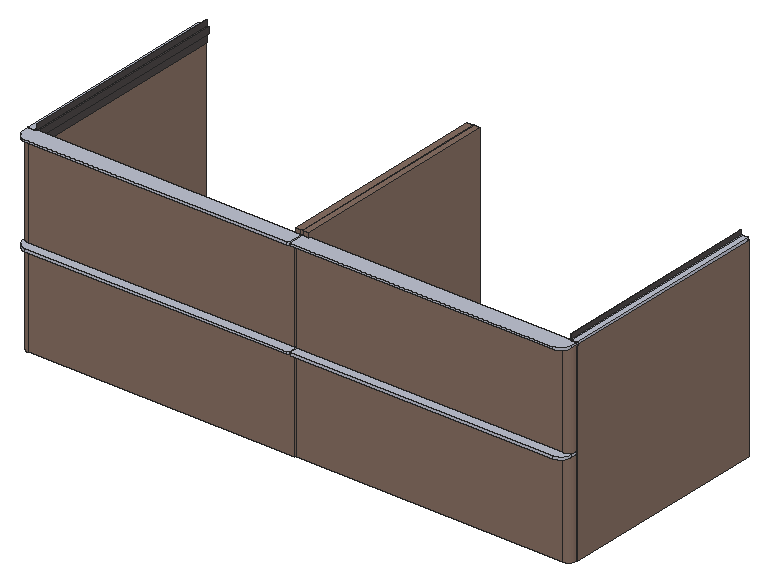
Revit family "vanity unit with 4 drawers for consoles with bowl", category Furniture, Revit 2019 (continued)
Definition of nested family "vanity unit 1560_550 with 4 drawers for consoles with bowl-54091670-diamond matt grey-matt_black-400_content"
  Parameters (values of type "Vanity unit 1560_550 with 4 drawers for consoles with bowl-54091670-Diamond Matt Grey-MATT_BLACK-400_Content")
    SURFACE = "MATT_BLACK"
    REGIONSET = "Worldwide"
    PRODUCTURL = "https://pro.hansgrohe.com/articledetail--54091000"
    PRODUCTGROUP = "vanity unit"
    PRODUCTFAMILY = "Xelu Q"
    PERMALINK = "54091XXX"
    OMNICLASS = "23-21 19 15 33 13 | Residential Bathroom Specialty Casework"
    OBJECTTYPE = "Object (single object)"
    OBERFLAECHE = "Diamond Matt Grey"
    NN = "Vanity Unit with 4 Drawers for consoles with bowl"
    NBSYN = "$BASENUMBER.-$ARTNR.-$OBERFLAECHE.-$SURFACE.-$LODLEVEL."
    NB = "Vanity unit 1560/550 with 4 drawers for consoles with bowl-54091670-Diamond Matt Grey-MATT_BLACK-400"
    NAME = "Xelu Q Vanity unit Diamond Matt Grey 1560/550 with 4 drawers for consoles with bowl"
    Model = "Vanity unit 1560/550 with 4 drawers for consoles with bowl-54091670-Diamond Matt Grey-MATT_BLACK-400"
    Manufacturer = "Hansgrohe"
    MASTERFORMAT = "12 35 30.23 | Bathroom Casework"
    LODLEVEL = "400"
    LINA = "Vanity unit 1560/550 with 4 drawers for consoles with bowl-54091670-Diamond Matt Grey-MATT_BLACK-400"
    L = 1560
    IFC = "Furnishing element"
    GTINCODE = "4059625457221"
    ETIM = "EC011381 | Bathroom furniture set"
    Default Elevation = 1219.2 mm
    DESIGN = "Germany"
    ContentVisible [instance] = yes
    CATALOG = "Hansgrohe"
    BIMOBJECT = "Sanitary: Compound units"
    BASENUMBER = "Vanity unit 1560/550 with 4 drawers for consoles with bowl"
    ARTNR = "54091670"
  Reference planes
    plane 1 "Center (Front/Back)": y = 0
    plane 2: z = 0
    plane 3 "Center (Left/Right)": x = 0
  Forms (mm)
    Extrusion 1, solid, visible <- "ContentVisible", detail levels medium+fine
      sketch origin (0, 0, 0) x (1, 0, 0) y (0, 1, 0)
        loop
          line (-780, 0) -> (-780, -527)
          arc (-780, -527) -> (-779.121, -529.121) -> (-777, -530) r 3
          line (-777, -530) -> (-764, -530) -> (-764, 0) -> (-780, 0)
      from 0 to 480
    Extrusion 2, solid, visible <- "ContentVisible", detail levels medium+fine
      sketch origin (0, 0, 0) x (1, 0, 0) y (0, 1, 0)
        loop
          line (-764, -133) -> (-764, -499.5) -> (-16, -499.5) -> (-16, -133) -> (-764, -133)
      from 0 to 16
    Extrusion 3, solid, visible <- "ContentVisible", detail levels medium+fine
      sketch origin (0, 0, 0) x (1, 0, 0) y (0, 1, 0)
        loop
          line (-16, 0) -> (-16, -530) -> (-3, -530)
          arc (-3, -530) -> (-0.879, -529.121) -> (0, -527) r 3
          line (0, -527) -> (0, 0) -> (-16, 0)
      from 0 to 496
    Extrusion 4, solid, visible <- "ContentVisible", detail levels medium+fine
      sketch origin (0, 0, 0) x (1, 0, 0) y (0, 1, 0)
        loop
          line (0, 0) -> (0, -527)
          arc (0, -527) -> (0.879, -529.121) -> (3, -530) r 3
          line (3, -530) -> (16, -530) -> (16, 0) -> (0, 0)
      from 0 to 496
    Extrusion 5, solid, visible <- "ContentVisible", detail levels medium+fine
      sketch origin (0, 0, 0) x (1, 0, 0) y (0, 1, 0)
        loop
          line (16, -499.5) -> (764, -499.5) -> (764, -133) -> (16, -133) -> (16, -499.5)
      from 0 to 16
    Extrusion 6, solid, visible <- "ContentVisible", detail levels medium+fine
      sketch origin (0, 0, 0) x (1, 0, 0) y (0, 1, 0)
        loop
          line (764, 0) -> (764, -530) -> (777, -530)
          arc (777, -530) -> (779.121, -529.121) -> (780, -527) r 3
          line (780, -527) -> (780, 0) -> (764, 0)
      from 0 to 480
    Extrusion 7, solid, visible <- "ContentVisible", detail levels medium+fine
      sketch origin (0, 0, 0) x (1, 0, 0) y (0, 1, 0)
        loop
          line (-764, -117) -> (-764, -133) -> (764, -133) -> (764, -117) -> (-764, -117)
      from 0 to 126
    Extrusion 8, solid, visible <- "ContentVisible", detail levels medium+fine
      sketch origin (0, 0, 2) x (1, 0, 0) y (0, 1, 0)
        loop
          arc (-780, -532) -> (-774.435, -545.435) -> (-761, -551) r 19
          line (-761, -551) -> (-2.5, -551)
          arc (-2.5, -551) -> (-1.793, -550.707) -> (-1.5, -550) r 1
          line (-1.5, -550) -> (-1.5, -530) -> (-780, -530) -> (-780, -532)
      from 0 to 235
    Extrusion 9, solid, visible <- "ContentVisible", detail levels medium+fine
      sketch origin (0, 0, 2) x (1, 0, 0) y (0, 1, 0)
        loop
          arc (1.5, -550) -> (1.793, -550.707) -> (2.5, -551) r 1
          line (2.5, -551) -> (761, -551)
          arc (761, -551) -> (774.435, -545.435) -> (780, -532) r 19
          line (780, -532) -> (780, -530) -> (1.5, -530) -> (1.5, -550)
      from 0 to 235
    Extrusion 10, solid, visible <- "ContentVisible", detail levels medium+fine
      sketch origin (0, 0, 237) x (1, 0, 0) y (0, 1, 0)
        loop
          line (-778.5, -530) -> (-778.5, -546)
          arc (-778.5, -546) -> (-771.178, -563.678) -> (-753.5, -571) r 25
          line (-753.5, -571) -> (-4.5, -571)
          arc (-4.5, -571) -> (-2.379, -570.121) -> (-1.5, -568) r 3
          line (-1.5, -568) -> (-1.5, -528.5) -> (-758.5, -528.5) -> (-758.5, -530) -> (-778.5, -530)
      from 0 to 5
    Extrusion 11, solid, visible <- "ContentVisible", detail levels medium+fine
      sketch origin (0, 0, 237) x (1, 0, 0) y (0, 1, 0)
        loop
          arc (1.5, -568) -> (2.379, -570.121) -> (4.5, -571) r 3
          line (4.5, -571) -> (753.5, -571)
          arc (753.5, -571) -> (771.178, -563.678) -> (778.5, -546) r 25
          line (778.5, -546) -> (778.5, -530) -> (758.5, -530) -> (758.5, -528.5) -> (1.5, -528.5) -> (1.5, -568)
      from 0 to 5
    Extrusion 12, solid, visible <- "ContentVisible", detail levels medium+fine
      sketch origin (0, 0, 245) x (1, 0, 0) y (0, 1, 0)
        loop
          arc (-780, -532) -> (-774.435, -545.435) -> (-761, -551) r 19
          line (-761, -551) -> (-2.5, -551)
          arc (-2.5, -551) -> (-1.793, -550.707) -> (-1.5, -550) r 1
          line (-1.5, -550) -> (-1.5, -530) -> (-780, -530) -> (-780, -532)
      from 0 to 235
    Extrusion 13, solid, visible <- "ContentVisible", detail levels medium+fine
      sketch origin (0, 0, 245) x (1, 0, 0) y (0, 1, 0)
        loop
          arc (1.5, -550) -> (1.793, -550.707) -> (2.5, -551) r 1
          line (2.5, -551) -> (761, -551)
          arc (761, -551) -> (774.435, -545.435) -> (780, -532) r 19
          line (780, -532) -> (780, -530) -> (1.5, -530) -> (1.5, -550)
      from 0 to 235
    Extrusion 14, solid, visible <- "ContentVisible", detail levels medium+fine
      sketch origin (0, 0, 480) x (1, 0, 0) y (0, 1, 0)
        loop
          line (-778.5, -530) -> (-778.5, -546)
          arc (-778.5, -546) -> (-771.178, -563.678) -> (-753.5, -571) r 25
          line (-753.5, -571) -> (-4.5, -571)
          arc (-4.5, -571) -> (-2.379, -570.121) -> (-1.5, -568) r 3
          line (-1.5, -568) -> (-1.5, -528.5) -> (-758.5, -528.5) -> (-758.5, -530) -> (-778.5, -530)
      from 0 to 5
    Extrusion 15, solid, visible <- "ContentVisible", detail levels medium+fine
      sketch origin (0, 0, 480) x (1, 0, 0) y (0, 1, 0)
        loop
          arc (1.5, -568) -> (2.379, -570.121) -> (4.5, -571) r 3
          line (4.5, -571) -> (753.5, -571)
          arc (753.5, -571) -> (771.178, -563.678) -> (778.5, -546) r 25
          line (778.5, -546) -> (778.5, -530) -> (758.5, -530) -> (758.5, -528.5) -> (1.5, -528.5) -> (1.5, -568)
      from 0 to 5
    Extrusion 16, solid, visible <- "ContentVisible", detail levels medium+fine
      sketch origin (-1.5, 0, 0) x (0, 0, -1) y (0, 1, 0)
        loop
          line (-480, -528.5) -> (-480, -530) -> (-450, -530) -> (-450, -528.5) -> (-480, -528.5)
      from -764 to 764
    Extrusion 17, solid, visible <- "ContentVisible", detail levels medium+fine
      sketch origin (-1.5, 0, 0) x (0, 0, -1) y (0, 1, 0)
        loop
          line (-242, -528.5) -> (-242, -530) -> (-212, -530) -> (-212, -528.5) -> (-242, -528.5)
      from -764 to 764
    Extrusion 18, solid, visible <- "ContentVisible", detail levels medium+fine
      sketch origin (1.5, 0, 0) x (0, 0, -1) y (0, 1, 0)
        loop
          line (-480, -528.5) -> (-480, -530) -> (-450, -530) -> (-450, -528.5) -> (-480, -528.5)
      from 0 to 764
    Extrusion 19, solid, visible <- "ContentVisible", detail levels medium+fine
      sketch origin (0, 0, 0) x (1, 0, 0) y (0, 0, -1)
        loop
          line (-764, -447) -> (-764, -485) -> (-762.5, -485) -> (-762.5, -447) -> (-764, -447)
      from -528.5 to 0
    Extrusion 20, solid, visible <- "ContentVisible", detail levels medium+fine
      sketch origin (0, 0, 0) x (1, 0, 0) y (0, 0, -1)
        loop
          line (762.5, -446.8) -> (762.5, -485) -> (764, -485) -> (764, -446.8) -> (762.5, -446.8)
      from -528.5 to 0
    Extrusion 21, solid, visible <- "ContentVisible", detail levels medium+fine
      sketch origin (0, 0, 480) x (1, 0, 0) y (0, 1, 0)
        loop
          line (-780, -3) -> (-780, -527)
          arc (-780, -527) -> (-779.121, -529.121) -> (-777, -530) r 3
          line (-777, -530) -> (-764, -530) -> (-764, 0) -> (-777, 0)
          arc (-777, 0) -> (-779.121, -0.879) -> (-780, -3) r 3
      from 0 to 5
    Extrusion 22, solid, visible <- "ContentVisible", detail levels medium+fine
      sketch origin (0, 0, 480) x (1, 0, 0) y (0, 1, 0)
        loop
          line (764, 0) -> (764, -530) -> (777, -530)
          arc (777, -530) -> (779.121, -529.121) -> (780, -527) r 3
          line (780, -527) -> (780, -3)
          arc (780, -3) -> (779.121, -0.879) -> (777, 0) r 3
          line (777, 0) -> (764, 0)
      from 0 to 5
    Extrusion 23, solid, visible <- "ContentVisible", detail levels medium+fine
      sketch origin (0, 0, 0) x (1, 0, 0) y (0, 0, -1)
        loop
          line (-762.5, -447) -> (-762.5, -496) -> (-761, -496) -> (-761, -483) -> (-756.4, -483) -> (-756.4, -468.5) -> (-761, -468.5) -> (-761, -447) -> (-762.5, -447)
      from -525 to 0
    Extrusion 24, solid, visible <- "ContentVisible", detail levels medium+fine
      sketch origin (0, 0, 0) x (1, 0, 0) y (0, 0, -1)
        loop
          line (756.4, -468.5) -> (756.4, -483) -> (761, -483) -> (761, -496) -> (762.5, -496) -> (762.5, -447) -> (761, -447) -> (761, -468.5) -> (756.4, -468.5)
      from -525 to 0
    Extrusion 25, solid, visible <- "ContentVisible", detail levels coarse
      sketch origin (0, -285.5, 0) x (1, 0, 0) y (0, 1, 0)
        loop
          line (-780, -285.5) -> (780, -285.5) -> (780, 285.5) -> (-780, 285.5) -> (-780, -285.5)
      from 0 to 496
  Dimensions and locks
    aligned and locked: level to plane 2
Definition of nested family "vanity unit 1560_550 with 4 drawers for consoles with bowl-54091700-diamond matt grey-matt_white-200_content"
  Parameters (values of type "Vanity unit 1560_550 with 4 drawers for consoles with bowl-54091700-Diamond Matt Grey-MATT_WHITE-200_Content")
    etim7_EC011381 = "EC011381"
    WEIGHT = "61"
    UNSPSC = "56 | Furniture and Furnishings"
    UNIFORMATII = "E2010 | Fixed Furnishings"
    UNICLASS_2015_CODE = "40_30_78_05"
    UNICLASS2015 = "Pr_40_30_78_05 | Bathroom furniture"
    SURFACE = "MATT_WHITE"
    REGIONSET = "Worldwide"
    PRODUCTURL = "https://pro.hansgrohe.com/articledetail--54091000"
    PRODUCTGROUP = "vanity unit"
    PRODUCTFAMILY = "Xelu Q"
    PERMALINK = "54091XXX"
    OMNICLASS = "23-21 19 15 33 13 | Residential Bathroom Specialty Casework"
    OBJECTTYPE = "Object (single object)"
    OBERFLAECHE = "Diamond Matt Grey"
    NN = "Vanity Unit with 4 Drawers for consoles with bowl"
    NBSYN = "$BASENUMBER.-$ARTNR.-$OBERFLAECHE.-$SURFACE.-$LODLEVEL."
    NB = "Vanity unit 1560/550 with 4 drawers for consoles with bowl-54091700-Diamond Matt Grey-MATT_WHITE-200"
    NAME = "Xelu Q Vanity unit Diamond Matt Grey 1560/550 with 4 drawers for consoles with bowl"
    Model = "Vanity unit 1560/550 with 4 drawers for consoles with bowl-54091700-Diamond Matt Grey-MATT_WHITE-200"
    Manufacturer = "Hansgrohe"
    MASTERFORMAT = "12 35 30.23 | Bathroom Casework"
    LODLEVEL = "200"
    LINA = "Vanity unit 1560/550 with 4 drawers for consoles with bowl-54091700-Diamond Matt Grey-MATT_WHITE-200"
    L = 1560
    IFC = "Furnishing element"
    GTINCODE = "4059625457221"
    ETIM = "EC011381 | Bathroom furniture set"
    Default Elevation = 1219.2 mm
    DESIGN = "Germany"
    ContentVisible [instance] = yes
    CATALOG = "Hansgrohe"
    BIMOBJECT = "Sanitary: Compound units"
    BASENUMBER = "Vanity unit 1560/550 with 4 drawers for consoles with bowl"
    ARTNR = "54091700"
  Reference planes
    plane 1 "Center (Front/Back)": y = 0
    plane 2: z = 0
    plane 3 "Center (Left/Right)": x = 0
  Forms (mm)
    Extrusion 1, solid, visible <- "ContentVisible", detail levels medium+fine
      sketch origin (0, 0, 0) x (1, 0, 0) y (0, 1, 0)
        loop
          line (-780, 0) -> (-780, -551) -> (780, -551) -> (780, 0) -> (764, 0) -> (764, -117) -> (-764, -117) -> (-764, 0) -> (-780, 0)
      from 0 to 480
    Extrusion 2, solid, visible <- "ContentVisible", detail levels medium+fine
      sketch origin (0, 0, 480) x (1, 0, 0) y (0, 1, 0)
        loop
          line (-778.5, -528.5) -> (-778.5, -571) -> (778.5, -571) -> (778.5, -528.5) -> (-778.5, -528.5)
      from 0 to 5
    Extrusion 3, solid, visible <- "ContentVisible", detail levels medium+fine
      sketch origin (0, 0, 237) x (1, 0, 0) y (0, 1, 0)
        loop
          line (-778.5, -528.5) -> (-778.5, -571) -> (778.5, -571) -> (778.5, -528.5) -> (-778.5, -528.5)
      from 0 to 5
    Extrusion 4, solid, visible <- "ContentVisible", detail levels medium+fine
      sketch origin (0, 0, 0) x (1, 0, 0) y (0, 0, -1)
        loop
          line (-764, -447) -> (-764, -485) -> (-762.5, -485) -> (-762.5, -447) -> (-764, -447)
      from -528.5 to 0
    Extrusion 5, solid, visible <- "ContentVisible", detail levels medium+fine
      sketch origin (0, 0, 0) x (1, 0, 0) y (0, 0, -1)
        loop
          line (762.5, -446.8) -> (762.5, -485) -> (764, -485) -> (764, -446.8) -> (762.5, -446.8)
      from -528.5 to 0
    Extrusion 6, solid, visible <- "ContentVisible", detail levels medium+fine
      sketch origin (0, 0, 480) x (1, 0, 0) y (0, 1, 0)
        loop
          line (-780, 0) -> (-780, -530) -> (-764, -530) -> (-764, 0) -> (-780, 0)
      from 0 to 5
    Extrusion 7, solid, visible <- "ContentVisible", detail levels medium+fine
      sketch origin (0, 0, 480) x (1, 0, 0) y (0, 1, 0)
        loop
          line (764, 0) -> (764, -530) -> (780, -530) -> (780, 0) -> (764, 0)
      from 0 to 5
    Extrusion 8, solid, visible <- "ContentVisible", detail levels medium+fine
      sketch origin (0, 0, 0) x (1, 0, 0) y (0, 0, -1)
        loop
          line (-762.5, -447) -> (-762.5, -496) -> (-756.4, -496) -> (-756.4, -447) -> (-762.5, -447)
      from -528.5 to 0
    Extrusion 9, solid, visible <- "ContentVisible", detail levels medium+fine
      sketch origin (0, 0, 0) x (1, 0, 0) y (0, 0, -1)
        loop
          line (756.4, -447) -> (756.4, -496) -> (762.5, -496) -> (762.5, -447) -> (756.4, -447)
      from -528.5 to 0
    Extrusion 10, solid, visible <- "ContentVisible", detail levels coarse
      sketch origin (0, -285.5, 0) x (1, 0, 0) y (0, 1, 0)
        loop
          line (-780, -285.5) -> (780, -285.5) -> (780, 285.5) -> (-780, 285.5) -> (-780, -285.5)
      from 0 to 496
  Dimensions and locks
    aligned and locked: level to plane 2
Definition of nested family "vanity unit 1560_550 with 4 drawers for consoles with bowl-54091700-diamond matt grey-matt_white-400_content"
  Parameters (values of type "Vanity unit 1560_550 with 4 drawers for consoles with bowl-54091700-Diamond Matt Grey-MATT_WHITE-400_Content")
    etim7_EC011381 = "EC011381"
    WEIGHT = "61"
    UNSPSC = "56 | Furniture and Furnishings"
    UNIFORMATII = "E2010 | Fixed Furnishings"
    UNICLASS_2015_CODE = "40_30_78_05"
    UNICLASS2015 = "Pr_40_30_78_05 | Bathroom furniture"
    SURFACE = "MATT_WHITE"
    REGIONSET = "Worldwide"
    PRODUCTURL = "https://pro.hansgrohe.com/articledetail--54091000"
    PRODUCTGROUP = "vanity unit"
    PRODUCTFAMILY = "Xelu Q"
    PERMALINK = "54091XXX"
    OMNICLASS = "23-21 19 15 33 13 | Residential Bathroom Specialty Casework"
    OBJECTTYPE = "Object (single object)"
    OBERFLAECHE = "Diamond Matt Grey"
    NN = "Vanity Unit with 4 Drawers for consoles with bowl"
    NBSYN = "$BASENUMBER.-$ARTNR.-$OBERFLAECHE.-$SURFACE.-$LODLEVEL."
    NB = "Vanity unit 1560/550 with 4 drawers for consoles with bowl-54091700-Diamond Matt Grey-MATT_WHITE-400"
    NAME = "Xelu Q Vanity unit Diamond Matt Grey 1560/550 with 4 drawers for consoles with bowl"
    Model = "Vanity unit 1560/550 with 4 drawers for consoles with bowl-54091700-Diamond Matt Grey-MATT_WHITE-400"
    Manufacturer = "Hansgrohe"
    MASTERFORMAT = "12 35 30.23 | Bathroom Casework"
    LODLEVEL = "400"
    LINA = "Vanity unit 1560/550 with 4 drawers for consoles with bowl-54091700-Diamond Matt Grey-MATT_WHITE-400"
    L = 1560
    IFC = "Furnishing element"
    GTINCODE = "4059625457221"
    ETIM = "EC011381 | Bathroom furniture set"
    Default Elevation = 1219.2 mm
    DESIGN = "Germany"
    ContentVisible [instance] = yes
    CATALOG = "Hansgrohe"
    BIMOBJECT = "Sanitary: Compound units"
    BASENUMBER = "Vanity unit 1560/550 with 4 drawers for consoles with bowl"
    ARTNR = "54091700"
  Reference planes
    plane 1 "Center (Front/Back)": y = 0
    plane 2: z = 0
    plane 3 "Center (Left/Right)": x = 0
  Forms (mm)
    Extrusion 1, solid, visible <- "ContentVisible", detail levels medium+fine
      sketch origin (0, 0, 0) x (1, 0, 0) y (0, 1, 0)
        loop
          line (-780, 0) -> (-780, -527)
          arc (-780, -527) -> (-779.121, -529.121) -> (-777, -530) r 3
          line (-777, -530) -> (-764, -530) -> (-764, 0) -> (-780, 0)
      from 0 to 480
    Extrusion 2, solid, visible <- "ContentVisible", detail levels medium+fine
      sketch origin (0, 0, 0) x (1, 0, 0) y (0, 1, 0)
        loop
          line (-764, -133) -> (-764, -499.5) -> (-16, -499.5) -> (-16, -133) -> (-764, -133)
      from 0 to 16
    Extrusion 3, solid, visible <- "ContentVisible", detail levels medium+fine
      sketch origin (0, 0, 0) x (1, 0, 0) y (0, 1, 0)
        loop
          line (-16, 0) -> (-16, -530) -> (-3, -530)
          arc (-3, -530) -> (-0.879, -529.121) -> (0, -527) r 3
          line (0, -527) -> (0, 0) -> (-16, 0)
      from 0 to 496
    Extrusion 4, solid, visible <- "ContentVisible", detail levels medium+fine
      sketch origin (0, 0, 0) x (1, 0, 0) y (0, 1, 0)
        loop
          line (0, 0) -> (0, -527)
          arc (0, -527) -> (0.879, -529.121) -> (3, -530) r 3
          line (3, -530) -> (16, -530) -> (16, 0) -> (0, 0)
      from 0 to 496
    Extrusion 5, solid, visible <- "ContentVisible", detail levels medium+fine
      sketch origin (0, 0, 0) x (1, 0, 0) y (0, 1, 0)
        loop
          line (16, -499.5) -> (764, -499.5) -> (764, -133) -> (16, -133) -> (16, -499.5)
      from 0 to 16
    Extrusion 6, solid, visible <- "ContentVisible", detail levels medium+fine
      sketch origin (0, 0, 0) x (1, 0, 0) y (0, 1, 0)
        loop
          line (764, 0) -> (764, -530) -> (777, -530)
          arc (777, -530) -> (779.121, -529.121) -> (780, -527) r 3
          line (780, -527) -> (780, 0) -> (764, 0)
      from 0 to 480
    Extrusion 7, solid, visible <- "ContentVisible", detail levels medium+fine
      sketch origin (0, 0, 0) x (1, 0, 0) y (0, 1, 0)
        loop
          line (-764, -117) -> (-764, -133) -> (764, -133) -> (764, -117) -> (-764, -117)
      from 0 to 126
    Extrusion 8, solid, visible <- "ContentVisible", detail levels medium+fine
      sketch origin (0, 0, 2) x (1, 0, 0) y (0, 1, 0)
        loop
          arc (-780, -532) -> (-774.435, -545.435) -> (-761, -551) r 19
          line (-761, -551) -> (-2.5, -551)
          arc (-2.5, -551) -> (-1.793, -550.707) -> (-1.5, -550) r 1
          line (-1.5, -550) -> (-1.5, -530) -> (-780, -530) -> (-780, -532)
      from 0 to 235
    Extrusion 9, solid, visible <- "ContentVisible", detail levels medium+fine
      sketch origin (0, 0, 2) x (1, 0, 0) y (0, 1, 0)
        loop
          arc (1.5, -550) -> (1.793, -550.707) -> (2.5, -551) r 1
          line (2.5, -551) -> (761, -551)
          arc (761, -551) -> (774.435, -545.435) -> (780, -532) r 19
          line (780, -532) -> (780, -530) -> (1.5, -530) -> (1.5, -550)
      from 0 to 235
    Extrusion 10, solid, visible <- "ContentVisible", detail levels medium+fine
      sketch origin (0, 0, 237) x (1, 0, 0) y (0, 1, 0)
        loop
          line (-778.5, -530) -> (-778.5, -546)
          arc (-778.5, -546) -> (-771.178, -563.678) -> (-753.5, -571) r 25
          line (-753.5, -571) -> (-4.5, -571)
          arc (-4.5, -571) -> (-2.379, -570.121) -> (-1.5, -568) r 3
          line (-1.5, -568) -> (-1.5, -528.5) -> (-758.5, -528.5) -> (-758.5, -530) -> (-778.5, -530)
      from 0 to 5
    Extrusion 11, solid, visible <- "ContentVisible", detail levels medium+fine
      sketch origin (0, 0, 237) x (1, 0, 0) y (0, 1, 0)
        loop
          arc (1.5, -568) -> (2.379, -570.121) -> (4.5, -571) r 3
          line (4.5, -571) -> (753.5, -571)
          arc (753.5, -571) -> (771.178, -563.678) -> (778.5, -546) r 25
          line (778.5, -546) -> (778.5, -530) -> (758.5, -530) -> (758.5, -528.5) -> (1.5, -528.5) -> (1.5, -568)
      from 0 to 5
    Extrusion 12, solid, visible <- "ContentVisible", detail levels medium+fine
      sketch origin (0, 0, 245) x (1, 0, 0) y (0, 1, 0)
        loop
          arc (-780, -532) -> (-774.435, -545.435) -> (-761, -551) r 19
          line (-761, -551) -> (-2.5, -551)
          arc (-2.5, -551) -> (-1.793, -550.707) -> (-1.5, -550) r 1
          line (-1.5, -550) -> (-1.5, -530) -> (-780, -530) -> (-780, -532)
      from 0 to 235
    Extrusion 13, solid, visible <- "ContentVisible", detail levels medium+fine
      sketch origin (0, 0, 245) x (1, 0, 0) y (0, 1, 0)
        loop
          arc (1.5, -550) -> (1.793, -550.707) -> (2.5, -551) r 1
          line (2.5, -551) -> (761, -551)
          arc (761, -551) -> (774.435, -545.435) -> (780, -532) r 19
          line (780, -532) -> (780, -530) -> (1.5, -530) -> (1.5, -550)
      from 0 to 235
    Extrusion 14, solid, visible <- "ContentVisible", detail levels medium+fine
      sketch origin (0, 0, 480) x (1, 0, 0) y (0, 1, 0)
        loop
          line (-778.5, -530) -> (-778.5, -546)
          arc (-778.5, -546) -> (-771.178, -563.678) -> (-753.5, -571) r 25
          line (-753.5, -571) -> (-4.5, -571)
          arc (-4.5, -571) -> (-2.379, -570.121) -> (-1.5, -568) r 3
          line (-1.5, -568) -> (-1.5, -528.5) -> (-758.5, -528.5) -> (-758.5, -530) -> (-778.5, -530)
      from 0 to 5
    Extrusion 15, solid, visible <- "ContentVisible", detail levels medium+fine
      sketch origin (0, 0, 480) x (1, 0, 0) y (0, 1, 0)
        loop
          arc (1.5, -568) -> (2.379, -570.121) -> (4.5, -571) r 3
          line (4.5, -571) -> (753.5, -571)
          arc (753.5, -571) -> (771.178, -563.678) -> (778.5, -546) r 25
          line (778.5, -546) -> (778.5, -530) -> (758.5, -530) -> (758.5, -528.5) -> (1.5, -528.5) -> (1.5, -568)
      from 0 to 5
    Extrusion 16, solid, visible <- "ContentVisible", detail levels medium+fine
      sketch origin (-1.5, 0, 0) x (0, 0, -1) y (0, 1, 0)
        loop
          line (-480, -528.5) -> (-480, -530) -> (-450, -530) -> (-450, -528.5) -> (-480, -528.5)
      from -764 to 764
    Extrusion 17, solid, visible <- "ContentVisible", detail levels medium+fine
      sketch origin (-1.5, 0, 0) x (0, 0, -1) y (0, 1, 0)
        loop
          line (-242, -528.5) -> (-242, -530) -> (-212, -530) -> (-212, -528.5) -> (-242, -528.5)
      from -764 to 764
    Extrusion 18, solid, visible <- "ContentVisible", detail levels medium+fine
      sketch origin (1.5, 0, 0) x (0, 0, -1) y (0, 1, 0)
        loop
          line (-480, -528.5) -> (-480, -530) -> (-450, -530) -> (-450, -528.5) -> (-480, -528.5)
      from 0 to 764
    Extrusion 19, solid, visible <- "ContentVisible", detail levels medium+fine
      sketch origin (0, 0, 0) x (1, 0, 0) y (0, 0, -1)
        loop
          line (-764, -447) -> (-764, -485) -> (-762.5, -485) -> (-762.5, -447) -> (-764, -447)
      from -528.5 to 0
    Extrusion 20, solid, visible <- "ContentVisible", detail levels medium+fine
      sketch origin (0, 0, 0) x (1, 0, 0) y (0, 0, -1)
        loop
          line (762.5, -446.8) -> (762.5, -485) -> (764, -485) -> (764, -446.8) -> (762.5, -446.8)
      from -528.5 to 0
    Extrusion 21, solid, visible <- "ContentVisible", detail levels medium+fine
      sketch origin (0, 0, 480) x (1, 0, 0) y (0, 1, 0)
        loop
          line (-780, -3) -> (-780, -527)
          arc (-780, -527) -> (-779.121, -529.121) -> (-777, -530) r 3
          line (-777, -530) -> (-764, -530) -> (-764, 0) -> (-777, 0)
          arc (-777, 0) -> (-779.121, -0.879) -> (-780, -3) r 3
      from 0 to 5
    Extrusion 22, solid, visible <- "ContentVisible", detail levels medium+fine
      sketch origin (0, 0, 480) x (1, 0, 0) y (0, 1, 0)
        loop
          line (764, 0) -> (764, -530) -> (777, -530)
          arc (777, -530) -> (779.121, -529.121) -> (780, -527) r 3
          line (780, -527) -> (780, -3)
          arc (780, -3) -> (779.121, -0.879) -> (777, 0) r 3
          line (777, 0) -> (764, 0)
      from 0 to 5
    Extrusion 23, solid, visible <- "ContentVisible", detail levels medium+fine
      sketch origin (0, 0, 0) x (1, 0, 0) y (0, 0, -1)
        loop
          line (-762.5, -447) -> (-762.5, -496) -> (-761, -496) -> (-761, -483) -> (-756.4, -483) -> (-756.4, -468.5) -> (-761, -468.5) -> (-761, -447) -> (-762.5, -447)
      from -525 to 0
    Extrusion 24, solid, visible <- "ContentVisible", detail levels medium+fine
      sketch origin (0, 0, 0) x (1, 0, 0) y (0, 0, -1)
        loop
          line (756.4, -468.5) -> (756.4, -483) -> (761, -483) -> (761, -496) -> (762.5, -496) -> (762.5, -447) -> (761, -447) -> (761, -468.5) -> (756.4, -468.5)
      from -525 to 0
    Extrusion 25, solid, visible <- "ContentVisible", detail levels coarse
      sketch origin (0, -285.5, 0) x (1, 0, 0) y (0, 1, 0)
        loop
          line (-780, -285.5) -> (780, -285.5) -> (780, 285.5) -> (-780, 285.5) -> (-780, -285.5)
      from 0 to 496
  Dimensions and locks
    aligned and locked: level to plane 2
Definition of nested family "vanity unit 1560_550 with 4 drawers for consoles with bowl-54092000-natural oak-chrome-200_content"
  Parameters (values of type "Vanity unit 1560_550 with 4 drawers for consoles with bowl-54092000-Natural Oak-CHROME-200_Content")
    etim7_EC011381 = "EC011381"
    WEIGHT = "61"
    UNSPSC = "56 | Furniture and Furnishings"
    UNIFORMATII = "E2010 | Fixed Furnishings"
    UNICLASS_2015_CODE = "40_30_78_05"
    UNICLASS2015 = "Pr_40_30_78_05 | Bathroom furniture"
    SURFACE = "CHROME"
    REGIONSET = "Worldwide"
    PRODUCTURL = "https://pro.hansgrohe.com/articledetail--54092000"
    PRODUCTGROUP = "vanity unit"
    PRODUCTFAMILY = "Xelu Q"
    PERMALINK = "54092XXX"
    OMNICLASS = "23-21 19 15 33 13 | Residential Bathroom Specialty Casework"
    OBJECTTYPE = "Object (single object)"
    OBERFLAECHE = "Natural Oak"
    NN = "Vanity Unit with 4 Drawers for consoles with bowl"
    NBSYN = "$BASENUMBER.-$ARTNR.-$OBERFLAECHE.-$SURFACE.-$LODLEVEL."
    NB = "Vanity unit 1560/550 with 4 drawers for consoles with bowl-54092000-Natural Oak-CHROME-200"
    NAME = "Xelu Q Vanity unit Natural Oak 1560/550 with 4 drawers for consoles with bowl"
    Model = "Vanity unit 1560/550 with 4 drawers for consoles with bowl-54092000-Natural Oak-CHROME-200"
    Manufacturer = "Hansgrohe"
    MASTERFORMAT = "12 35 30.23 | Bathroom Casework"
    LODLEVEL = "200"
    LINA = "Vanity unit 1560/550 with 4 drawers for consoles with bowl-54092000-Natural Oak-CHROME-200"
    L = 1560
    IFC = "Furnishing element"
    GTINCODE = "4059625457191"
    ETIM = "EC011381 | Bathroom furniture set"
    Default Elevation = 1219.2 mm
    DESIGN = "Germany"
    ContentVisible [instance] = yes
    CATALOG = "Hansgrohe"
    BIMOBJECT = "Sanitary: Compound units"
    BASENUMBER = "Vanity unit 1560/550 with 4 drawers for consoles with bowl"
    ARTNR = "54092000"
  Reference planes
    plane 1 "Center (Front/Back)": y = 0
    plane 2: z = 0
    plane 3 "Center (Left/Right)": x = 0
  Forms (mm)
    Extrusion 1, solid, visible <- "ContentVisible", detail levels medium+fine
      sketch origin (0, 0, 0) x (1, 0, 0) y (0, 1, 0)
        loop
          line (-780, 0) -> (-780, -551) -> (780, -551) -> (780, 0) -> (764, 0) -> (764, -117) -> (-764, -117) -> (-764, 0) -> (-780, 0)
      from 0 to 480
    Extrusion 2, solid, visible <- "ContentVisible", detail levels medium+fine
      sketch origin (0, 0, 480) x (1, 0, 0) y (0, 1, 0)
        loop
          line (-778.5, -528.5) -> (-778.5, -571) -> (778.5, -571) -> (778.5, -528.5) -> (-778.5, -528.5)
      from 0 to 5
    Extrusion 3, solid, visible <- "ContentVisible", detail levels medium+fine
      sketch origin (0, 0, 237) x (1, 0, 0) y (0, 1, 0)
        loop
          line (-778.5, -528.5) -> (-778.5, -571) -> (778.5, -571) -> (778.5, -528.5) -> (-778.5, -528.5)
      from 0 to 5
    Extrusion 4, solid, visible <- "ContentVisible", detail levels medium+fine
      sketch origin (0, 0, 0) x (1, 0, 0) y (0, 0, -1)
        loop
          line (-764, -447) -> (-764, -485) -> (-762.5, -485) -> (-762.5, -447) -> (-764, -447)
      from -528.5 to 0
    Extrusion 5, solid, visible <- "ContentVisible", detail levels medium+fine
      sketch origin (0, 0, 0) x (1, 0, 0) y (0, 0, -1)
        loop
          line (762.5, -446.8) -> (762.5, -485) -> (764, -485) -> (764, -446.8) -> (762.5, -446.8)
      from -528.5 to 0
    Extrusion 6, solid, visible <- "ContentVisible", detail levels medium+fine
      sketch origin (0, 0, 480) x (1, 0, 0) y (0, 1, 0)
        loop
          line (-780, 0) -> (-780, -530) -> (-764, -530) -> (-764, 0) -> (-780, 0)
      from 0 to 5
    Extrusion 7, solid, visible <- "ContentVisible", detail levels medium+fine
      sketch origin (0, 0, 480) x (1, 0, 0) y (0, 1, 0)
        loop
          line (764, 0) -> (764, -530) -> (780, -530) -> (780, 0) -> (764, 0)
      from 0 to 5
    Extrusion 8, solid, visible <- "ContentVisible", detail levels medium+fine
      sketch origin (0, 0, 0) x (1, 0, 0) y (0, 0, -1)
        loop
          line (-762.5, -447) -> (-762.5, -496) -> (-756.4, -496) -> (-756.4, -447) -> (-762.5, -447)
      from -528.5 to 0
    Extrusion 9, solid, visible <- "ContentVisible", detail levels medium+fine
      sketch origin (0, 0, 0) x (1, 0, 0) y (0, 0, -1)
        loop
          line (756.4, -447) -> (756.4, -496) -> (762.5, -496) -> (762.5, -447) -> (756.4, -447)
      from -528.5 to 0
    Extrusion 10, solid, visible <- "ContentVisible", detail levels coarse
      sketch origin (0, -285.5, 0) x (1, 0, 0) y (0, 1, 0)
        loop
          line (-780, -285.5) -> (780, -285.5) -> (780, 285.5) -> (-780, 285.5) -> (-780, -285.5)
      from 0 to 496
  Dimensions and locks
    aligned and locked: level to plane 2
Definition of nested family "vanity unit 1560_550 with 4 drawers for consoles with bowl-54092000-natural oak-chrome-400_content"
  Parameters (values of type "Vanity unit 1560_550 with 4 drawers for consoles with bowl-54092000-Natural Oak-CHROME-400_Content")
    etim7_EC011381 = "EC011381"
    WEIGHT = "61"
    UNSPSC = "56 | Furniture and Furnishings"
    UNIFORMATII = "E2010 | Fixed Furnishings"
    UNICLASS_2015_CODE = "40_30_78_05"
    UNICLASS2015 = "Pr_40_30_78_05 | Bathroom furniture"
    SURFACE = "CHROME"
    REGIONSET = "Worldwide"
    PRODUCTURL = "https://pro.hansgrohe.com/articledetail--54092000"
    PRODUCTGROUP = "vanity unit"
    PRODUCTFAMILY = "Xelu Q"
    PERMALINK = "54092XXX"
    OMNICLASS = "23-21 19 15 33 13 | Residential Bathroom Specialty Casework"
    OBJECTTYPE = "Object (single object)"
    OBERFLAECHE = "Natural Oak"
    NN = "Vanity Unit with 4 Drawers for consoles with bowl"
    NBSYN = "$BASENUMBER.-$ARTNR.-$OBERFLAECHE.-$SURFACE.-$LODLEVEL."
    NB = "Vanity unit 1560/550 with 4 drawers for consoles with bowl-54092000-Natural Oak-CHROME-400"
    NAME = "Xelu Q Vanity unit Natural Oak 1560/550 with 4 drawers for consoles with bowl"
    Model = "Vanity unit 1560/550 with 4 drawers for consoles with bowl-54092000-Natural Oak-CHROME-400"
    Manufacturer = "Hansgrohe"
    MASTERFORMAT = "12 35 30.23 | Bathroom Casework"
    LODLEVEL = "400"
    LINA = "Vanity unit 1560/550 with 4 drawers for consoles with bowl-54092000-Natural Oak-CHROME-400"
    L = 1560
    IFC = "Furnishing element"
    GTINCODE = "4059625457191"
    ETIM = "EC011381 | Bathroom furniture set"
    Default Elevation = 1219.2 mm
    DESIGN = "Germany"
    ContentVisible [instance] = yes
    CATALOG = "Hansgrohe"
    BIMOBJECT = "Sanitary: Compound units"
    BASENUMBER = "Vanity unit 1560/550 with 4 drawers for consoles with bowl"
    ARTNR = "54092000"
  Reference planes
    plane 1 "Center (Front/Back)": y = 0
    plane 2: z = 0
    plane 3 "Center (Left/Right)": x = 0
  Forms (mm)
    Extrusion 1, solid, visible <- "ContentVisible", detail levels medium+fine
      sketch origin (0, 0, 0) x (1, 0, 0) y (0, 1, 0)
        loop
          line (-780, 0) -> (-780, -527)
          arc (-780, -527) -> (-779.121, -529.121) -> (-777, -530) r 3
          line (-777, -530) -> (-764, -530) -> (-764, 0) -> (-780, 0)
      from 0 to 480
    Extrusion 2, solid, visible <- "ContentVisible", detail levels medium+fine
      sketch origin (0, 0, 0) x (1, 0, 0) y (0, 1, 0)
        loop
          line (-764, -133) -> (-764, -499.5) -> (-16, -499.5) -> (-16, -133) -> (-764, -133)
      from 0 to 16
    Extrusion 3, solid, visible <- "ContentVisible", detail levels medium+fine
      sketch origin (0, 0, 0) x (1, 0, 0) y (0, 1, 0)
        loop
          line (-16, 0) -> (-16, -530) -> (-3, -530)
          arc (-3, -530) -> (-0.879, -529.121) -> (0, -527) r 3
          line (0, -527) -> (0, 0) -> (-16, 0)
      from 0 to 496
    Extrusion 4, solid, visible <- "ContentVisible", detail levels medium+fine
      sketch origin (0, 0, 0) x (1, 0, 0) y (0, 1, 0)
        loop
          line (0, 0) -> (0, -527)
          arc (0, -527) -> (0.879, -529.121) -> (3, -530) r 3
          line (3, -530) -> (16, -530) -> (16, 0) -> (0, 0)
      from 0 to 496
    Extrusion 5, solid, visible <- "ContentVisible", detail levels medium+fine
      sketch origin (0, 0, 0) x (1, 0, 0) y (0, 1, 0)
        loop
          line (16, -499.5) -> (764, -499.5) -> (764, -133) -> (16, -133) -> (16, -499.5)
      from 0 to 16
    Extrusion 6, solid, visible <- "ContentVisible", detail levels medium+fine
      sketch origin (0, 0, 0) x (1, 0, 0) y (0, 1, 0)
        loop
          line (764, 0) -> (764, -530) -> (777, -530)
          arc (777, -530) -> (779.121, -529.121) -> (780, -527) r 3
          line (780, -527) -> (780, 0) -> (764, 0)
      from 0 to 480
    Extrusion 7, solid, visible <- "ContentVisible", detail levels medium+fine
      sketch origin (0, 0, 0) x (1, 0, 0) y (0, 1, 0)
        loop
          line (-764, -117) -> (-764, -133) -> (764, -133) -> (764, -117) -> (-764, -117)
      from 0 to 126
    Extrusion 8, solid, visible <- "ContentVisible", detail levels medium+fine
      sketch origin (0, 0, 2) x (1, 0, 0) y (0, 1, 0)
        loop
          arc (-780, -532) -> (-774.435, -545.435) -> (-761, -551) r 19
          line (-761, -551) -> (-2.5, -551)
          arc (-2.5, -551) -> (-1.793, -550.707) -> (-1.5, -550) r 1
          line (-1.5, -550) -> (-1.5, -530) -> (-780, -530) -> (-780, -532)
      from 0 to 235
    Extrusion 9, solid, visible <- "ContentVisible", detail levels medium+fine
      sketch origin (0, 0, 2) x (1, 0, 0) y (0, 1, 0)
        loop
          arc (1.5, -550) -> (1.793, -550.707) -> (2.5, -551) r 1
          line (2.5, -551) -> (761, -551)
          arc (761, -551) -> (774.435, -545.435) -> (780, -532) r 19
          line (780, -532) -> (780, -530) -> (1.5, -530) -> (1.5, -550)
      from 0 to 235
    Extrusion 10, solid, visible <- "ContentVisible", detail levels medium+fine
      sketch origin (0, 0, 237) x (1, 0, 0) y (0, 1, 0)
        loop
          line (-778.5, -530) -> (-778.5, -546)
          arc (-778.5, -546) -> (-771.178, -563.678) -> (-753.5, -571) r 25
          line (-753.5, -571) -> (-4.5, -571)
          arc (-4.5, -571) -> (-2.379, -570.121) -> (-1.5, -568) r 3
          line (-1.5, -568) -> (-1.5, -528.5) -> (-758.5, -528.5) -> (-758.5, -530) -> (-778.5, -530)
      from 0 to 5
    Extrusion 11, solid, visible <- "ContentVisible", detail levels medium+fine
      sketch origin (0, 0, 237) x (1, 0, 0) y (0, 1, 0)
        loop
          arc (1.5, -568) -> (2.379, -570.121) -> (4.5, -571) r 3
          line (4.5, -571) -> (753.5, -571)
          arc (753.5, -571) -> (771.178, -563.678) -> (778.5, -546) r 25
          line (778.5, -546) -> (778.5, -530) -> (758.5, -530) -> (758.5, -528.5) -> (1.5, -528.5) -> (1.5, -568)
      from 0 to 5
    Extrusion 12, solid, visible <- "ContentVisible", detail levels medium+fine
      sketch origin (0, 0, 245) x (1, 0, 0) y (0, 1, 0)
        loop
          arc (-780, -532) -> (-774.435, -545.435) -> (-761, -551) r 19
          line (-761, -551) -> (-2.5, -551)
          arc (-2.5, -551) -> (-1.793, -550.707) -> (-1.5, -550) r 1
          line (-1.5, -550) -> (-1.5, -530) -> (-780, -530) -> (-780, -532)
      from 0 to 235
    Extrusion 13, solid, visible <- "ContentVisible", detail levels medium+fine
      sketch origin (0, 0, 245) x (1, 0, 0) y (0, 1, 0)
        loop
          arc (1.5, -550) -> (1.793, -550.707) -> (2.5, -551) r 1
          line (2.5, -551) -> (761, -551)
          arc (761, -551) -> (774.435, -545.435) -> (780, -532) r 19
          line (780, -532) -> (780, -530) -> (1.5, -530) -> (1.5, -550)
      from 0 to 235
    Extrusion 14, solid, visible <- "ContentVisible", detail levels medium+fine
      sketch origin (0, 0, 480) x (1, 0, 0) y (0, 1, 0)
        loop
          line (-778.5, -530) -> (-778.5, -546)
          arc (-778.5, -546) -> (-771.178, -563.678) -> (-753.5, -571) r 25
          line (-753.5, -571) -> (-4.5, -571)
          arc (-4.5, -571) -> (-2.379, -570.121) -> (-1.5, -568) r 3
          line (-1.5, -568) -> (-1.5, -528.5) -> (-758.5, -528.5) -> (-758.5, -530) -> (-778.5, -530)
      from 0 to 5
    Extrusion 15, solid, visible <- "ContentVisible", detail levels medium+fine
      sketch origin (0, 0, 480) x (1, 0, 0) y (0, 1, 0)
        loop
          arc (1.5, -568) -> (2.379, -570.121) -> (4.5, -571) r 3
          line (4.5, -571) -> (753.5, -571)
          arc (753.5, -571) -> (771.178, -563.678) -> (778.5, -546) r 25
          line (778.5, -546) -> (778.5, -530) -> (758.5, -530) -> (758.5, -528.5) -> (1.5, -528.5) -> (1.5, -568)
      from 0 to 5
    Extrusion 16, solid, visible <- "ContentVisible", detail levels medium+fine
      sketch origin (-1.5, 0, 0) x (0, 0, -1) y (0, 1, 0)
        loop
          line (-480, -528.5) -> (-480, -530) -> (-450, -530) -> (-450, -528.5) -> (-480, -528.5)
      from -764 to 764
    Extrusion 17, solid, visible <- "ContentVisible", detail levels medium+fine
      sketch origin (-1.5, 0, 0) x (0, 0, -1) y (0, 1, 0)
        loop
          line (-242, -528.5) -> (-242, -530) -> (-212, -530) -> (-212, -528.5) -> (-242, -528.5)
      from -764 to 764
    Extrusion 18, solid, visible <- "ContentVisible", detail levels medium+fine
      sketch origin (1.5, 0, 0) x (0, 0, -1) y (0, 1, 0)
        loop
          line (-480, -528.5) -> (-480, -530) -> (-450, -530) -> (-450, -528.5) -> (-480, -528.5)
      from 0 to 764
    Extrusion 19, solid, visible <- "ContentVisible", detail levels medium+fine
      sketch origin (0, 0, 0) x (1, 0, 0) y (0, 0, -1)
        loop
          line (-764, -447) -> (-764, -485) -> (-762.5, -485) -> (-762.5, -447) -> (-764, -447)
      from -528.5 to 0
    Extrusion 20, solid, visible <- "ContentVisible", detail levels medium+fine
      sketch origin (0, 0, 0) x (1, 0, 0) y (0, 0, -1)
        loop
          line (762.5, -446.8) -> (762.5, -485) -> (764, -485) -> (764, -446.8) -> (762.5, -446.8)
      from -528.5 to 0
    Extrusion 21, solid, visible <- "ContentVisible", detail levels medium+fine
      sketch origin (0, 0, 480) x (1, 0, 0) y (0, 1, 0)
        loop
          line (-780, -3) -> (-780, -527)
          arc (-780, -527) -> (-779.121, -529.121) -> (-777, -530) r 3
          line (-777, -530) -> (-764, -530) -> (-764, 0) -> (-777, 0)
          arc (-777, 0) -> (-779.121, -0.879) -> (-780, -3) r 3
      from 0 to 5
    Extrusion 22, solid, visible <- "ContentVisible", detail levels medium+fine
      sketch origin (0, 0, 480) x (1, 0, 0) y (0, 1, 0)
        loop
          line (764, 0) -> (764, -530) -> (777, -530)
          arc (777, -530) -> (779.121, -529.121) -> (780, -527) r 3
          line (780, -527) -> (780, -3)
          arc (780, -3) -> (779.121, -0.879) -> (777, 0) r 3
          line (777, 0) -> (764, 0)
      from 0 to 5
    Extrusion 23, solid, visible <- "ContentVisible", detail levels medium+fine
      sketch origin (0, 0, 0) x (1, 0, 0) y (0, 0, -1)
        loop
          line (-762.5, -447) -> (-762.5, -496) -> (-761, -496) -> (-761, -483) -> (-756.4, -483) -> (-756.4, -468.5) -> (-761, -468.5) -> (-761, -447) -> (-762.5, -447)
      from -525 to 0
    Extrusion 24, solid, visible <- "ContentVisible", detail levels medium+fine
      sketch origin (0, 0, 0) x (1, 0, 0) y (0, 0, -1)
        loop
          line (756.4, -468.5) -> (756.4, -483) -> (761, -483) -> (761, -496) -> (762.5, -496) -> (762.5, -447) -> (761, -447) -> (761, -468.5) -> (756.4, -468.5)
      from -525 to 0
    Extrusion 25, solid, visible <- "ContentVisible", detail levels coarse
      sketch origin (0, -285.5, 0) x (1, 0, 0) y (0, 1, 0)
        loop
          line (-780, -285.5) -> (780, -285.5) -> (780, 285.5) -> (-780, 285.5) -> (-780, -285.5)
      from 0 to 496
  Dimensions and locks
    aligned and locked: level to plane 2
Definition of nested family "vanity unit 1560_550 with 4 drawers for consoles with bowl-54092670-natural oak-matt_black-200_content"
  Parameters (values of type "Vanity unit 1560_550 with 4 drawers for consoles with bowl-54092670-Natural Oak-MATT_BLACK-200_Content")
    etim7_EC011381 = "EC011381"
    WEIGHT = "61"
    UNSPSC = "56 | Furniture and Furnishings"
    UNIFORMATII = "E2010 | Fixed Furnishings"
    UNICLASS_2015_CODE = "40_30_78_05"
    UNICLASS2015 = "Pr_40_30_78_05 | Bathroom furniture"
    SURFACE = "MATT_BLACK"
    REGIONSET = "Worldwide"
    PRODUCTURL = "https://pro.hansgrohe.com/articledetail--54092000"
    PRODUCTGROUP = "vanity unit"
    PRODUCTFAMILY = "Xelu Q"
    PERMALINK = "54092XXX"
    OMNICLASS = "23-21 19 15 33 13 | Residential Bathroom Specialty Casework"
    OBJECTTYPE = "Object (single object)"
    OBERFLAECHE = "Natural Oak"
    NN = "Vanity Unit with 4 Drawers for consoles with bowl"
    NBSYN = "$BASENUMBER.-$ARTNR.-$OBERFLAECHE.-$SURFACE.-$LODLEVEL."
    NB = "Vanity unit 1560/550 with 4 drawers for consoles with bowl-54092670-Natural Oak-MATT_BLACK-200"
    NAME = "Xelu Q Vanity unit Natural Oak 1560/550 with 4 drawers for consoles with bowl"
    Model = "Vanity unit 1560/550 with 4 drawers for consoles with bowl-54092670-Natural Oak-MATT_BLACK-200"
    Manufacturer = "Hansgrohe"
    MASTERFORMAT = "12 35 30.23 | Bathroom Casework"
    LODLEVEL = "200"
    LINA = "Vanity unit 1560/550 with 4 drawers for consoles with bowl-54092670-Natural Oak-MATT_BLACK-200"
    L = 1560
    IFC = "Furnishing element"
    GTINCODE = "4059625457191"
    ETIM = "EC011381 | Bathroom furniture set"
    Default Elevation = 1219.2 mm
    DESIGN = "Germany"
    ContentVisible [instance] = yes
    CATALOG = "Hansgrohe"
    BIMOBJECT = "Sanitary: Compound units"
    BASENUMBER = "Vanity unit 1560/550 with 4 drawers for consoles with bowl"
    ARTNR = "54092670"
  Reference planes
    plane 1 "Center (Front/Back)": y = 0
    plane 2: z = 0
    plane 3 "Center (Left/Right)": x = 0
  Forms (mm)
    Extrusion 1, solid, visible <- "ContentVisible", detail levels medium+fine
      sketch origin (0, 0, 0) x (1, 0, 0) y (0, 1, 0)
        loop
          line (-780, 0) -> (-780, -551) -> (780, -551) -> (780, 0) -> (764, 0) -> (764, -117) -> (-764, -117) -> (-764, 0) -> (-780, 0)
      from 0 to 480
    Extrusion 2, solid, visible <- "ContentVisible", detail levels medium+fine
      sketch origin (0, 0, 480) x (1, 0, 0) y (0, 1, 0)
        loop
          line (-778.5, -528.5) -> (-778.5, -571) -> (778.5, -571) -> (778.5, -528.5) -> (-778.5, -528.5)
      from 0 to 5
    Extrusion 3, solid, visible <- "ContentVisible", detail levels medium+fine
      sketch origin (0, 0, 237) x (1, 0, 0) y (0, 1, 0)
        loop
          line (-778.5, -528.5) -> (-778.5, -571) -> (778.5, -571) -> (778.5, -528.5) -> (-778.5, -528.5)
      from 0 to 5
    Extrusion 4, solid, visible <- "ContentVisible", detail levels medium+fine
      sketch origin (0, 0, 0) x (1, 0, 0) y (0, 0, -1)
        loop
          line (-764, -447) -> (-764, -485) -> (-762.5, -485) -> (-762.5, -447) -> (-764, -447)
      from -528.5 to 0
    Extrusion 5, solid, visible <- "ContentVisible", detail levels medium+fine
      sketch origin (0, 0, 0) x (1, 0, 0) y (0, 0, -1)
        loop
          line (762.5, -446.8) -> (762.5, -485) -> (764, -485) -> (764, -446.8) -> (762.5, -446.8)
      from -528.5 to 0
    Extrusion 6, solid, visible <- "ContentVisible", detail levels medium+fine
      sketch origin (0, 0, 480) x (1, 0, 0) y (0, 1, 0)
        loop
          line (-780, 0) -> (-780, -530) -> (-764, -530) -> (-764, 0) -> (-780, 0)
      from 0 to 5
    Extrusion 7, solid, visible <- "ContentVisible", detail levels medium+fine
      sketch origin (0, 0, 480) x (1, 0, 0) y (0, 1, 0)
        loop
          line (764, 0) -> (764, -530) -> (780, -530) -> (780, 0) -> (764, 0)
      from 0 to 5
    Extrusion 8, solid, visible <- "ContentVisible", detail levels medium+fine
      sketch origin (0, 0, 0) x (1, 0, 0) y (0, 0, -1)
        loop
          line (-762.5, -447) -> (-762.5, -496) -> (-756.4, -496) -> (-756.4, -447) -> (-762.5, -447)
      from -528.5 to 0
    Extrusion 9, solid, visible <- "ContentVisible", detail levels medium+fine
      sketch origin (0, 0, 0) x (1, 0, 0) y (0, 0, -1)
        loop
          line (756.4, -447) -> (756.4, -496) -> (762.5, -496) -> (762.5, -447) -> (756.4, -447)
      from -528.5 to 0
    Extrusion 10, solid, visible <- "ContentVisible", detail levels coarse
      sketch origin (0, -285.5, 0) x (1, 0, 0) y (0, 1, 0)
        loop
          line (-780, -285.5) -> (780, -285.5) -> (780, 285.5) -> (-780, 285.5) -> (-780, -285.5)
      from 0 to 496
  Dimensions and locks
    aligned and locked: level to plane 2
Definition of nested family "vanity unit 1560_550 with 4 drawers for consoles with bowl-54092670-natural oak-matt_black-400_content"
  Parameters (values of type "Vanity unit 1560_550 with 4 drawers for consoles with bowl-54092670-Natural Oak-MATT_BLACK-400_Content")
    etim7_EC011381 = "EC011381"
    WEIGHT = "61"
    UNSPSC = "56 | Furniture and Furnishings"
    UNIFORMATII = "E2010 | Fixed Furnishings"
    UNICLASS_2015_CODE = "40_30_78_05"
    UNICLASS2015 = "Pr_40_30_78_05 | Bathroom furniture"
    SURFACE = "MATT_BLACK"
    REGIONSET = "Worldwide"
    PRODUCTURL = "https://pro.hansgrohe.com/articledetail--54092000"
    PRODUCTGROUP = "vanity unit"
    PRODUCTFAMILY = "Xelu Q"
    PERMALINK = "54092XXX"
    OMNICLASS = "23-21 19 15 33 13 | Residential Bathroom Specialty Casework"
    OBJECTTYPE = "Object (single object)"
    OBERFLAECHE = "Natural Oak"
    NN = "Vanity Unit with 4 Drawers for consoles with bowl"
    NBSYN = "$BASENUMBER.-$ARTNR.-$OBERFLAECHE.-$SURFACE.-$LODLEVEL."
    NB = "Vanity unit 1560/550 with 4 drawers for consoles with bowl-54092670-Natural Oak-MATT_BLACK-400"
    NAME = "Xelu Q Vanity unit Natural Oak 1560/550 with 4 drawers for consoles with bowl"
    Model = "Vanity unit 1560/550 with 4 drawers for consoles with bowl-54092670-Natural Oak-MATT_BLACK-400"
    Manufacturer = "Hansgrohe"
    MASTERFORMAT = "12 35 30.23 | Bathroom Casework"
    LODLEVEL = "400"
    LINA = "Vanity unit 1560/550 with 4 drawers for consoles with bowl-54092670-Natural Oak-MATT_BLACK-400"
    L = 1560
    IFC = "Furnishing element"
    GTINCODE = "4059625457191"
    ETIM = "EC011381 | Bathroom furniture set"
    Default Elevation = 1219.2 mm
    DESIGN = "Germany"
    ContentVisible [instance] = yes
    CATALOG = "Hansgrohe"
    BIMOBJECT = "Sanitary: Compound units"
    BASENUMBER = "Vanity unit 1560/550 with 4 drawers for consoles with bowl"
    ARTNR = "54092670"
  Reference planes
    plane 1 "Center (Front/Back)": y = 0
    plane 2: z = 0
    plane 3 "Center (Left/Right)": x = 0
  Forms (mm)
    Extrusion 1, solid, visible <- "ContentVisible", detail levels medium+fine
      sketch origin (0, 0, 0) x (1, 0, 0) y (0, 1, 0)
        loop
          line (-780, 0) -> (-780, -527)
          arc (-780, -527) -> (-779.121, -529.121) -> (-777, -530) r 3
          line (-777, -530) -> (-764, -530) -> (-764, 0) -> (-780, 0)
      from 0 to 480
    Extrusion 2, solid, visible <- "ContentVisible", detail levels medium+fine
      sketch origin (0, 0, 0) x (1, 0, 0) y (0, 1, 0)
        loop
          line (-764, -133) -> (-764, -499.5) -> (-16, -499.5) -> (-16, -133) -> (-764, -133)
      from 0 to 16
    Extrusion 3, solid, visible <- "ContentVisible", detail levels medium+fine
      sketch origin (0, 0, 0) x (1, 0, 0) y (0, 1, 0)
        loop
          line (-16, 0) -> (-16, -530) -> (-3, -530)
          arc (-3, -530) -> (-0.879, -529.121) -> (0, -527) r 3
          line (0, -527) -> (0, 0) -> (-16, 0)
      from 0 to 496
    Extrusion 4, solid, visible <- "ContentVisible", detail levels medium+fine
      sketch origin (0, 0, 0) x (1, 0, 0) y (0, 1, 0)
        loop
          line (0, 0) -> (0, -527)
          arc (0, -527) -> (0.879, -529.121) -> (3, -530) r 3
          line (3, -530) -> (16, -530) -> (16, 0) -> (0, 0)
      from 0 to 496
    Extrusion 5, solid, visible <- "ContentVisible", detail levels medium+fine
      sketch origin (0, 0, 0) x (1, 0, 0) y (0, 1, 0)
        loop
          line (16, -499.5) -> (764, -499.5) -> (764, -133) -> (16, -133) -> (16, -499.5)
      from 0 to 16
    Extrusion 6, solid, visible <- "ContentVisible", detail levels medium+fine
      sketch origin (0, 0, 0) x (1, 0, 0) y (0, 1, 0)
        loop
          line (764, 0) -> (764, -530) -> (777, -530)
          arc (777, -530) -> (779.121, -529.121) -> (780, -527) r 3
          line (780, -527) -> (780, 0) -> (764, 0)
      from 0 to 480
    Extrusion 7, solid, visible <- "ContentVisible", detail levels medium+fine
      sketch origin (0, 0, 0) x (1, 0, 0) y (0, 1, 0)
        loop
          line (-764, -117) -> (-764, -133) -> (764, -133) -> (764, -117) -> (-764, -117)
      from 0 to 126
    Extrusion 8, solid, visible <- "ContentVisible", detail levels medium+fine
      sketch origin (0, 0, 2) x (1, 0, 0) y (0, 1, 0)
        loop
          arc (-780, -532) -> (-774.435, -545.435) -> (-761, -551) r 19
          line (-761, -551) -> (-2.5, -551)
          arc (-2.5, -551) -> (-1.793, -550.707) -> (-1.5, -550) r 1
          line (-1.5, -550) -> (-1.5, -530) -> (-780, -530) -> (-780, -532)
      from 0 to 235
    Extrusion 9, solid, visible <- "ContentVisible", detail levels medium+fine
      sketch origin (0, 0, 2) x (1, 0, 0) y (0, 1, 0)
        loop
          arc (1.5, -550) -> (1.793, -550.707) -> (2.5, -551) r 1
          line (2.5, -551) -> (761, -551)
          arc (761, -551) -> (774.435, -545.435) -> (780, -532) r 19
          line (780, -532) -> (780, -530) -> (1.5, -530) -> (1.5, -550)
      from 0 to 235
    Extrusion 10, solid, visible <- "ContentVisible", detail levels medium+fine
      sketch origin (0, 0, 237) x (1, 0, 0) y (0, 1, 0)
        loop
          line (-778.5, -530) -> (-778.5, -546)
          arc (-778.5, -546) -> (-771.178, -563.678) -> (-753.5, -571) r 25
          line (-753.5, -571) -> (-4.5, -571)
          arc (-4.5, -571) -> (-2.379, -570.121) -> (-1.5, -568) r 3
          line (-1.5, -568) -> (-1.5, -528.5) -> (-758.5, -528.5) -> (-758.5, -530) -> (-778.5, -530)
      from 0 to 5
    Extrusion 11, solid, visible <- "ContentVisible", detail levels medium+fine
      sketch origin (0, 0, 237) x (1, 0, 0) y (0, 1, 0)
        loop
          arc (1.5, -568) -> (2.379, -570.121) -> (4.5, -571) r 3
          line (4.5, -571) -> (753.5, -571)
          arc (753.5, -571) -> (771.178, -563.678) -> (778.5, -546) r 25
          line (778.5, -546) -> (778.5, -530) -> (758.5, -530) -> (758.5, -528.5) -> (1.5, -528.5) -> (1.5, -568)
      from 0 to 5
    Extrusion 12, solid, visible <- "ContentVisible", detail levels medium+fine
      sketch origin (0, 0, 245) x (1, 0, 0) y (0, 1, 0)
        loop
          arc (-780, -532) -> (-774.435, -545.435) -> (-761, -551) r 19
          line (-761, -551) -> (-2.5, -551)
          arc (-2.5, -551) -> (-1.793, -550.707) -> (-1.5, -550) r 1
          line (-1.5, -550) -> (-1.5, -530) -> (-780, -530) -> (-780, -532)
      from 0 to 235
    Extrusion 13, solid, visible <- "ContentVisible", detail levels medium+fine
      sketch origin (0, 0, 245) x (1, 0, 0) y (0, 1, 0)
        loop
          arc (1.5, -550) -> (1.793, -550.707) -> (2.5, -551) r 1
          line (2.5, -551) -> (761, -551)
          arc (761, -551) -> (774.435, -545.435) -> (780, -532) r 19
          line (780, -532) -> (780, -530) -> (1.5, -530) -> (1.5, -550)
      from 0 to 235
    Extrusion 14, solid, visible <- "ContentVisible", detail levels medium+fine
      sketch origin (0, 0, 480) x (1, 0, 0) y (0, 1, 0)
        loop
          line (-778.5, -530) -> (-778.5, -546)
          arc (-778.5, -546) -> (-771.178, -563.678) -> (-753.5, -571) r 25
          line (-753.5, -571) -> (-4.5, -571)
          arc (-4.5, -571) -> (-2.379, -570.121) -> (-1.5, -568) r 3
          line (-1.5, -568) -> (-1.5, -528.5) -> (-758.5, -528.5) -> (-758.5, -530) -> (-778.5, -530)
      from 0 to 5
    Extrusion 15, solid, visible <- "ContentVisible", detail levels medium+fine
      sketch origin (0, 0, 480) x (1, 0, 0) y (0, 1, 0)
        loop
          arc (1.5, -568) -> (2.379, -570.121) -> (4.5, -571) r 3
          line (4.5, -571) -> (753.5, -571)
          arc (753.5, -571) -> (771.178, -563.678) -> (778.5, -546) r 25
          line (778.5, -546) -> (778.5, -530) -> (758.5, -530) -> (758.5, -528.5) -> (1.5, -528.5) -> (1.5, -568)
      from 0 to 5
    Extrusion 16, solid, visible <- "ContentVisible", detail levels medium+fine
      sketch origin (-1.5, 0, 0) x (0, 0, -1) y (0, 1, 0)
        loop
          line (-480, -528.5) -> (-480, -530) -> (-450, -530) -> (-450, -528.5) -> (-480, -528.5)
      from -764 to 764
    Extrusion 17, solid, visible <- "ContentVisible", detail levels medium+fine
      sketch origin (-1.5, 0, 0) x (0, 0, -1) y (0, 1, 0)
        loop
          line (-242, -528.5) -> (-242, -530) -> (-212, -530) -> (-212, -528.5) -> (-242, -528.5)
      from -764 to 764
    Extrusion 18, solid, visible <- "ContentVisible", detail levels medium+fine
      sketch origin (1.5, 0, 0) x (0, 0, -1) y (0, 1, 0)
        loop
          line (-480, -528.5) -> (-480, -530) -> (-450, -530) -> (-450, -528.5) -> (-480, -528.5)
      from 0 to 764
    Extrusion 19, solid, visible <- "ContentVisible", detail levels medium+fine
      sketch origin (0, 0, 0) x (1, 0, 0) y (0, 0, -1)
        loop
          line (-764, -447) -> (-764, -485) -> (-762.5, -485) -> (-762.5, -447) -> (-764, -447)
      from -528.5 to 0
    Extrusion 20, solid, visible <- "ContentVisible", detail levels medium+fine
      sketch origin (0, 0, 0) x (1, 0, 0) y (0, 0, -1)
        loop
          line (762.5, -446.8) -> (762.5, -485) -> (764, -485) -> (764, -446.8) -> (762.5, -446.8)
      from -528.5 to 0
    Extrusion 21, solid, visible <- "ContentVisible", detail levels medium+fine
      sketch origin (0, 0, 480) x (1, 0, 0) y (0, 1, 0)
        loop
          line (-780, -3) -> (-780, -527)
          arc (-780, -527) -> (-779.121, -529.121) -> (-777, -530) r 3
          line (-777, -530) -> (-764, -530) -> (-764, 0) -> (-777, 0)
          arc (-777, 0) -> (-779.121, -0.879) -> (-780, -3) r 3
      from 0 to 5
    Extrusion 22, solid, visible <- "ContentVisible", detail levels medium+fine
      sketch origin (0, 0, 480) x (1, 0, 0) y (0, 1, 0)
        loop
          line (764, 0) -> (764, -530) -> (777, -530)
          arc (777, -530) -> (779.121, -529.121) -> (780, -527) r 3
          line (780, -527) -> (780, -3)
          arc (780, -3) -> (779.121, -0.879) -> (777, 0) r 3
          line (777, 0) -> (764, 0)
      from 0 to 5
    Extrusion 23, solid, visible <- "ContentVisible", detail levels medium+fine
      sketch origin (0, 0, 0) x (1, 0, 0) y (0, 0, -1)
        loop
          line (-762.5, -447) -> (-762.5, -496) -> (-761, -496) -> (-761, -483) -> (-756.4, -483) -> (-756.4, -468.5) -> (-761, -468.5) -> (-761, -447) -> (-762.5, -447)
      from -525 to 0
    Extrusion 24, solid, visible <- "ContentVisible", detail levels medium+fine
      sketch origin (0, 0, 0) x (1, 0, 0) y (0, 0, -1)
        loop
          line (756.4, -468.5) -> (756.4, -483) -> (761, -483) -> (761, -496) -> (762.5, -496) -> (762.5, -447) -> (761, -447) -> (761, -468.5) -> (756.4, -468.5)
      from -525 to 0
    Extrusion 25, solid, visible <- "ContentVisible", detail levels coarse
      sketch origin (0, -285.5, 0) x (1, 0, 0) y (0, 1, 0)
        loop
          line (-780, -285.5) -> (780, -285.5) -> (780, 285.5) -> (-780, 285.5) -> (-780, -285.5)
      from 0 to 496
  Dimensions and locks
    aligned and locked: level to plane 2
